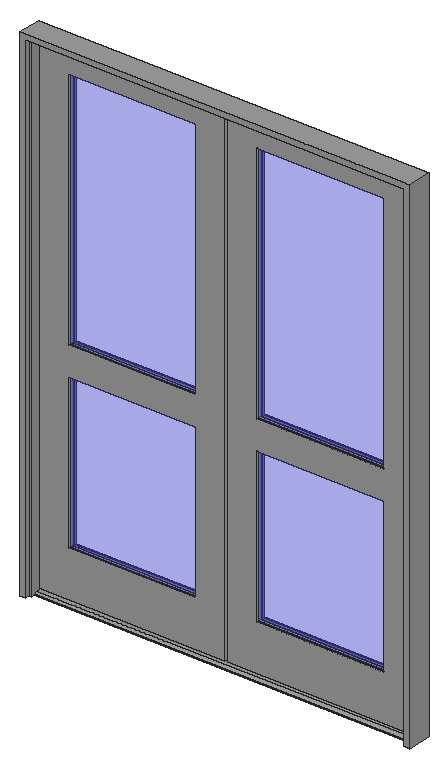
Revit family "WS-500 DOOR-Double-VIP-1-CW_v04", category Curtain Panels, Revit 2015
Parameters
  Width [instance] = 6' - 2"
  VIP2 Panic Devices [instance] = not(VIP1 Panic Devices)  # yes
  URL = "obe.com"
  Rough Width [instance] = 6' - 0"
  Panel Width [instance] = Min Panel Width  # 6' - 0"
  Panel Offset [instance] = 0' - 0"
  Offset [instance] = 0' - 0"
  Model = "WS-500 DOOR"
  Min Rough Width [instance] = if(Rough Width > 6' 1 255/256", Rough Width, 6' 2")  # 6' - 2"
  Min Panel Width [instance] = if(Rough Width > 6' 1 255/256", Rough Width - 0' 2", 6' 0")  # 6' - 0"
  Manufacturer = "Oldcastle BuildingEnvelope®"
  Keynote = "08 11 00"
  Hinge [instance] = yes
  Height [instance] = 8' - 0"
  Pushbar Height [instance] = 3' - 5 1/4"  # constant formula
  Glass Material = Glass
  Frame Material = Aluminum
  Door Panel Height [instance] = Height - 0' 0 5/8"  # 7' - 11 3/8"
  Description = "WS-500 - 1\" Door Infill"
  Assembly Code = "B2030"
  Analytic Construction = "<None>"
  VIP1 Panic Devices [instance] = no
  10 Bottom Rail [instance] = not([8 Bottom Rail])  # no
  8 Bottom Rail [instance] = yes
Reference planes (in)
  plane 1 "Front": y = 0
  plane 2: z = 0
  plane 3 "Center (Left/Right)": x = 0
  plane 4 "Left": x = -37
  plane 5 "Right": x = 37
  plane 6 "Top": z = 96
  plane 7 "Offset": y = 0
  plane 8: y = -1.28244
  plane 9: y = -1.28244
  plane 10: x = -37
  plane 11: x = 37
Forms (in)
  Sweep 1, solid, material "Aluminum" <- "Frame Material"
    path origin (0, 0, 0) x (-1, 0, 0) y (0, 0, 1)
      loop
        line (37, 0) -> (37, 96)
    profile origin (-37, 0, 48) x (1, 0, 0) y (0, 1, 0)
      loop
        line (1, -1.97) -> (1, 0) -> (0, 0) -> (0, -4.5) -> (1, -4.5) -> (1, -3.595) -> (1.5, -3.595) -> (1.5, -1.97) -> (1, -1.97)
  Sweep 2, solid, material "Aluminum" <- "Frame Material"
    path origin (0, 0, 0) x (-1, 0, 0) y (0, 0, 1)
      loop
        line (-37, 0) -> (-37, 96)
    profile origin (37, 0, 48) x (1, 0, 0) y (0, 1, 0)
      loop
        line (-1, -1.97) -> (-1.5, -1.97) -> (-1.5, -3.595) -> (-1, -3.595) -> (-1, -4.5) -> (0, -4.5) -> (0, 0) -> (-1, 0) -> (-1, -1.97)
  Extrusion 3, solid, material "Aluminum" <- "Frame Material"
    sketch origin (-37, 0, 0) x (0, -1, 0) y (0, 0, 1)
      loop
        line (1.97, 94.5) -> (3.595, 94.5) -> (3.595, 95) -> (4.5, 95) -> (4.5, 96) -> (0, 96) -> (0, 95) -> (1.97, 95) -> (1.97, 94.5)
    from -74 to 0
Cuts and joins
  joined: Sweep 1, Sweep 2, Extrusion 3
Text (in)
  text "Exterior" at (-54.29358, 31.38743, 0), in view "Ref. Level"
  text "Exterior" at (480, 41.53993, 89.60405), in view "Right"
  text "Exterior" at (-240, 57.82419, 105.78864), in view "Left"
Dimensions and locks (in)
  equal spacing: plane 4 "Left", plane 3 "Center (Left/Right)", plane 5 "Right"
  "Width": plane 4 "Left" to plane 5 "Right"
  "Height": plane 6 "Top" to plane 2
  "Offset": plane 1 "Front" to plane 7 "Offset"
  locked: plane 7 "Offset" to plane 8 at 1.28244
  locked: plane 7 "Offset" to plane 9 at 1.28244
  locked: plane 7 "Offset" to nested 3 at 1.28244
  Extrusion 3 sketch curve to Extrusion 3 sketch curve to Extrusion 3 sketch curve = 0' - 0 1/2" locked, 0' - 0" locked
  Extrusion 3 sketch curve to Extrusion 3 sketch curve to Extrusion 3 sketch curve to Extrusion 3 sketch curve = 0' - 1.97" locked, 0' - 1 5/8" locked, 0' - 0.905" locked
  locked: Extrusion 3 sketch curve to Extrusion 3 sketch curve at 1
  equal spacing: plane 10, plane 3 "Center (Left/Right)", plane 11
  "Min Rough Width": plane 10 to plane 11
  aligned and locked: level to plane 2
  aligned and locked: nested 1 to plane 8
  aligned and locked: plane 9 to nested 2
  aligned and locked: plane 6 "Top" to Sweep 1 sketch curve
  aligned and locked: level to Sweep 1 sketch curve
  aligned and locked: plane 6 "Top" to Sweep 2 sketch curve
  aligned and locked: level to Sweep 2 sketch curve
  aligned and locked: plane 6 "Top" to nested 3
  aligned and locked: Extrusion 3 to plane 6 "Top"
  aligned and locked: Extrusion 3 sketch curve to plane 6 "Top"
  aligned and locked: plane 3 "Center (Left/Right)" to nested 4
  aligned and locked: nested 4 to plane 7 "Offset"
  aligned and locked: nested 2 to plane 10
  aligned and locked: nested 1 to plane 11
  aligned and locked: Sweep 2 sketch curve to plane 11
  aligned and locked: Sweep 1 sketch curve to plane 10
  aligned and locked: cut or joined group of Sweep 1, Sweep 2, Extrusion 3 to plane 10
  aligned and locked: plane 11 to cut or joined group of Sweep 1, Sweep 2, Extrusion 3
Automatic sketch dimensions
  Sweep 1 sketch curve to profile plane = 0' - 0"
  Sweep 1 sketch curve to plane 7 "Offset" = 0' - 0"
  Sweep 1 sketch curve to profile plane = 0' - 1"  (x2)
  Sweep 1 sketch curve to Sweep 1 sketch curve = 0' - 0 1/2"
  Sweep 1 sketch curve to plane 7 "Offset" = 0' - 1.97"
  Sweep 1 sketch curve to Sweep 1 sketch curve = 0' - 1 5/8"
  Sweep 1 sketch curve to Sweep 1 sketch curve = 0' - 0.905"
  Sweep 2 sketch curve to plane 7 "Offset" = 0' - 0"
  Sweep 2 sketch curve to profile plane = 0' - 0"
  profile plane to Sweep 2 sketch curve = 0' - 1"  (x2)
  Sweep 2 sketch curve to Sweep 2 sketch curve = 0' - 0 1/2"
  Sweep 2 sketch curve to plane 7 "Offset" = 0' - 1.97"
  Sweep 2 sketch curve to Sweep 2 sketch curve = 0' - 1 5/8"
  Sweep 2 sketch curve to Sweep 2 sketch curve = 0' - 0.905"
  Extrusion 3 sketch curve to plane 7 "Offset" = 0' - 0"
Nested families (in)
  nested 1: "2.5x6-RTCIG CW-H8533-DHD-OHD SC-DI" at (37, -1.28244, 0) x (0, -1, 0) z (0, 0, 1), type "2.5x6-RTCIG CW-H8533-DHD-OHD SC-DI"
  nested 2: "2.5x6-RTCIG CW-H8533-DHD-OHD SC-DI" at (-37, -1.28244, 0) x (0, -1, 0) z (0, 0, 1), type "2.5x6-RTCIG CW-H8533-DHD-OHD SC-DI"
  nested 3: "2.5x6-RTCIG CW-H8533-DHD-OHD SC-DI" at (-33, -1.28244, 96) x (0, -1, 0) z (-1, 0, 0), type "2.5x6-RTCIG CW-H8533-DHD-OHD SC-DI"
  nested 4: "WS-500 DOOR-Double-VIP-1-Panel_v03" at (0, -16, 0), Height <- "Door Panel Height", Hinge <- "Hinge", Frame Material <- "Frame Material", Glass Material <- "Glass Material", Width <- "Min Panel Width", VIP1 Panic Devices <- "VIP1 Panic Devices", 8 Bottom Rail <- "8 Bottom Rail", Offset <- "Panel Offset", type "WS-500 DOOR-Double-VIP-1-Panel_v03"
    with Wing Width 3' - 0", built-in parameter 1001301 6' - 0", VIP1 Panic Devices no, Pushbar Height 3' - 5 1/4", Offset 0' - 0", Hinge yes, built-in parameter 1001300 7' - 11 3/8", Glass at Muntin 0' - 4 15/16", Glass Material Glass, Frame Material Aluminum, Bottom Rail 0' - 9 5/32", 8 Bottom Rail yes, 10 Bottom Rail no
Definition of nested family "WS-500 DOOR-Double-VIP-1-Panel_v03"
  Parameters (values of type "WS-500 DOOR-Double-VIP-1-Panel_v03")
    Wing Width [instance] = Width / 2  # 3' - 0"
    Width [instance] = 6' - 0"
    VIP1 Panic Devices [instance] = no
    URL = "obe.com"
    Offset [instance] = 0' - 1"
    Model = "WS-500 DOOR"
    Manufacturer = "Oldcastle BuildingEnvelope®"
    Keynote = "08 11 00\r\n08 11 00"
    Hinge [instance] = yes
    Height [instance] = 8' - 0"
    Glass at Muntin [instance] = if(VIP1 Panic Devices, 0' 8 15/16", 0' 4 15/16")  # 0' - 4 15/16"
    Pushbar Height [instance] = 3' - 5 1/4"  # constant formula
    Glass Material [instance] = none
    Frame Material [instance] = none
    Description = "WS-500 - 1\" Door Infill"
    Bottom Rail [instance] = if([8 Bottom Rail], 0' 9 5/32", 0' 11 5/32")  # 0' - 9 5/32"
    Assembly Code = "B2030"
    8 Bottom Rail [instance] = yes
    10 Bottom Rail [instance] = not([8 Bottom Rail])  # no
  Reference planes (in)
    plane 1 "Center": y = 14.0625
    plane 2: z = 0
    plane 3 "Center (Left/Right)": x = 0
    plane 4: z = 96
    plane 5: x = 36
    plane 6: x = -36
    plane 7 "Center (Front/Back)": y = 16
    plane 8 "Exterior": y = 14.5625
    plane 9: z = 48
    plane 10: z = 38.78125
    plane 11: z = 43.71875
    plane 12: z = 91
    plane 13: z = 9.15625
    plane 14 "Offset": y = 15
    plane 15: z = 41.25
  Forms (in)
    Sweep 1, solid, material <- "Frame Material"
      path origin (0, 14.0625, 0) x (1, 0, 0) y (0, 0, 1)
        loop
          line (-35.56475, 96) -> (-0.22004, 96)
      profile origin (-17.8924, 14.0625, 96) x (0, 0, 1) y (0, -1, 0)
        loop
          line (-0.53125, -0.875) -> (-0.53125, 0.875) -> (-5.28125, 0.875) -> (-5.28125, 0.5) -> (-5, 0.5) -> (-5, -0.5) -> (-5.28125, -0.5) -> (-5.28125, -0.875) -> (-0.53125, -0.875)
    Sweep 2, solid, material <- "Frame Material"
      path origin (0, 14.0625, 0) x (1, 0, 0) y (0, 0, 1)
        loop
          line (-0.22004, 0) -> (-35.56475, 0)
      profile origin (-17.8924, 14.0625, 0) x (0, 0, -1) y (0, -1, 0)
        loop
          line (-5.4375, -0.875) -> (-0.6875, -0.875) -> (-0.6875, 0.875) -> (-5.4375, 0.875) -> (-9.4375, 0.875) -> (-9.4375, 0.5) -> (-9.15625, 0.5) -> (-9.15625, -0.5) -> (-9.4375, -0.5) -> (-9.4375, -0.875) -> (-5.4375, -0.875)
    Sweep 3, solid, material <- "Frame Material"
      path origin (0, 14.0625, 0) x (1, 0, 0) y (0, 0, 1)
        loop
          line (36, 95.46875) -> (36, 0.6875)
      profile origin (36, 14.0625, 48.07812) x (0, -1, 0) y (1, 0, 0)
        loop
          line (-0.875, -0.32625) -> (-0.875, -6.07625) -> (-0.5, -6.07625) -> (-0.5, -5.795) -> (0.5, -5.795) -> (0.5, -6.07625) -> (0.875, -6.07625) -> (0.875, -0.43525) -> (-0.875, -0.32625)
    Sweep 4, solid, material <- "Frame Material"
      path origin (0, 14.0625, 0) x (1, 0, 0) y (0, 0, 1)
        loop
          line (-36, 95.46875) -> (-36, 0.6875)
      profile origin (-36, 14.0625, 48.07812) x (0, -1, 0) y (1, 0, 0)
        loop
          line (-0.875, 0.32625) -> (0.875, 0.43525) -> (0.875, 6.07625) -> (0.5, 6.07625) -> (0.5, 5.795) -> (-0.5, 5.795) -> (-0.5, 6.07625) -> (-0.875, 6.07625) -> (-0.875, 0.32625)
    Sweep 5, solid, material <- "Frame Material"
      path origin (0, 14.0625, 0) x (1, 0, 0) y (0, 0, 1)
        loop
          line (-5.53125, 48) -> (-30.205, 48)
      profile origin (-17.86813, 14.0625, 48) x (0, 0, -1) y (0, -1, 0)
        loop
          line (9.5, -0.875) -> (9.5, -0.5) -> (9.21875, -0.5) -> (9.21875, 0.5) -> (9.5, 0.5) -> (9.5, 0.875) -> (4, 0.875) -> (4, 0.5) -> (4.28125, 0.5) -> (4.28125, -0.5) -> (4, -0.5) -> (4, -0.875) -> (9.5, -0.875)
    Sweep 6, solid, material <- "Frame Material"
      path origin (0, 14.0625, 0) x (1, 0, 0) y (0, 0, 1)
        loop
          line (0, 95.46875) -> (0, 0.6875)
      profile origin (0, 14.0625, 48.07812) x (0, -1, 0) y (1, 0, 0)
        loop
          line (-0.875, -0.22063) -> (-0.875, -5.8125) -> (-0.5, -5.8125) -> (-0.5, -5.53125) -> (0.5, -5.53125) -> (0.5, -5.8125) -> (0.875, -5.8125) -> (0.875, -0.22063)
          arc (0.875, -0.22063) -> (0, -0.0625) -> (-0.875, -0.22063) r 2.5
        loop
          line (0.875, 5.8125) -> (0.5, 5.8125) -> (0.5, 5.53125) -> (-0.5, 5.53125) -> (-0.5, 5.8125) -> (-0.875, 5.8125) -> (-0.875, 0.22063)
          arc (-0.875, 0.22063) -> (0, 0.0625) -> (0.875, 0.22063) r 2.5
          line (0.875, 0.22063) -> (0.875, 5.8125)
    Sweep 7, solid, material <- "Frame Material"
      path origin (0, 14.0625, 0) x (1, 0, 0) y (0, 0, 1)
        loop
          line (0.22004, 96) -> (35.56475, 96)
      profile origin (17.8924, 14.0625, 96) x (0, 0, 1) y (0, -1, 0)
        loop
          line (-0.53125, -0.875) -> (-0.53125, 0.875) -> (-5.28125, 0.875) -> (-5.28125, 0.5) -> (-5, 0.5) -> (-5, -0.5) -> (-5.28125, -0.5) -> (-5.28125, -0.875) -> (-0.53125, -0.875)
    Sweep 8, solid, material <- "Frame Material"
      path origin (0, 14.0625, 0) x (1, 0, 0) y (0, 0, 1)
        loop
          line (30.205, 48) -> (5.53125, 48)
      profile origin (17.86813, 14.0625, 48) x (0, 0, -1) y (0, -1, 0)
        loop
          line (9.5, -0.875) -> (9.5, -0.5) -> (9.21875, -0.5) -> (9.21875, 0.5) -> (9.5, 0.5) -> (9.5, 0.875) -> (4, 0.875) -> (4, 0.5) -> (4.28125, 0.5) -> (4.28125, -0.5) -> (4, -0.5) -> (4, -0.875) -> (9.5, -0.875)
    Sweep 9, solid, material <- "Frame Material"
      path origin (0, 14.0625, 0) x (1, 0, 0) y (0, 0, 1)
        loop
          line (35.56475, 0) -> (0.22004, 0)
      profile origin (17.8924, 14.0625, 0) x (0, 0, -1) y (0, -1, 0)
        loop
          line (-9.4375, -0.5) -> (-9.4375, -0.875) -> (-0.6875, -0.875) -> (-0.6875, 0.875) -> (-9.4375, 0.875) -> (-9.4375, 0.5) -> (-9.15625, 0.5) -> (-9.15625, -0.5) -> (-9.4375, -0.5)
    Extrusion 10, solid, material <- "Glass Material", detail levels coarse
      sketch origin (0, 0, 0) x (1, 0, 0) y (0, 1, 0)
        loop
          line (-30.205, 14.5625) -> (-30.205, 13.5625) -> (-5.53125, 13.5625) -> (-5.53125, 14.5625) -> (-30.205, 14.5625)
      from 9.15625 to 38.78125
    Extrusion 11, solid, material <- "Glass Material", detail levels coarse
      sketch origin (0, 0, 0) x (1, 0, 0) y (0, 1, 0)
        loop
          line (5.53125, 14.5625) -> (5.53125, 13.5625) -> (30.205, 13.5625) -> (30.205, 14.5625) -> (5.53125, 14.5625)
      from 9.15625 to 38.78125
    Extrusion 12, solid, material <- "Glass Material", detail levels coarse
      sketch origin (0, 0, 0) x (1, 0, 0) y (0, 1, 0)
        loop
          line (-5.53125, 14.5625) -> (-30.205, 14.5625) -> (-30.205, 13.5625) -> (-5.53125, 13.5625) -> (-5.53125, 14.5625)
      from 43.71875 to 91
    Extrusion 13, solid, material <- "Glass Material", detail levels coarse
      sketch origin (0, 0, 0) x (1, 0, 0) y (0, 1, 0)
        loop
          line (30.205, 14.5625) -> (5.53125, 14.5625) -> (5.53125, 13.5625) -> (30.205, 13.5625) -> (30.205, 14.5625)
      from 43.71875 to 91
    Extrusion 14, solid, material <- "Glass Material", detail levels medium+fine
      sketch origin (0, 0, 0) x (1, 0, 0) y (0, 1, 0)
        loop
          line (5.53125, 13.5625) -> (30.205, 13.5625) -> (30.205, 13.8105) -> (5.53125, 13.8105) -> (5.53125, 13.5625)
        loop
          line (30.205, 14.5625) -> (5.53125, 14.5625) -> (5.53125, 14.3145) -> (30.205, 14.3145) -> (30.205, 14.5625)
      from 9.15625 to 38.78125
    Extrusion 15, solid, material <- "Glass Material", detail levels medium+fine
      sketch origin (0, 0, 0) x (1, 0, 0) y (0, 1, 0)
        loop
          line (30.205, 13.5625) -> (30.205, 13.8105) -> (5.53125, 13.8105) -> (5.53125, 13.5625) -> (30.205, 13.5625)
        loop
          line (5.53125, 14.5625) -> (5.53125, 14.3145) -> (30.205, 14.3145) -> (30.205, 14.5625) -> (5.53125, 14.5625)
      from 43.71875 to 91
    Extrusion 16, solid, material <- "Glass Material", detail levels medium+fine
      sketch origin (0, 0, 0) x (1, 0, 0) y (0, 1, 0)
        loop
          line (-5.53125, 13.5625) -> (-5.53125, 13.8105) -> (-30.205, 13.8105) -> (-30.205, 13.5625) -> (-5.53125, 13.5625)
        loop
          line (-30.205, 14.5625) -> (-30.205, 14.3145) -> (-5.53125, 14.3145) -> (-5.53125, 14.5625) -> (-30.205, 14.5625)
      from 43.71875 to 91
    Extrusion 17, solid, material <- "Glass Material", detail levels medium+fine
      sketch origin (0, 0, 0) x (1, 0, 0) y (0, 1, 0)
        loop
          line (-30.205, 13.5625) -> (-5.53125, 13.5625) -> (-5.53125, 13.8105) -> (-30.205, 13.8105) -> (-30.205, 13.5625)
        loop
          line (-5.53125, 14.5625) -> (-30.205, 14.5625) -> (-30.205, 14.3145) -> (-5.53125, 14.3145) -> (-5.53125, 14.5625)
      from 9.15625 to 38.78125
    Sweep 18, solid, material <- "Frame Material"
      path origin (0, 15, 0) x (1, 0, 0) y (0, 0, 1)
        loop
          line (-35.56475, 0) -> (35.56475, 0)
      profile origin (0, 15, 0) x (0, 0, 1) y (0, -1, 0)
        loop
          line (0.5, 2.468) -> (0.19364, 3.125) -> (0, 3.125) -> (0, -0.875) -> (0.19364, -0.875) -> (0.5, -0.218) -> (0.5, 2.468)
  Cuts and joins
    joined: Sweep 1, Sweep 2, Sweep 3, Sweep 4, Sweep 5, Sweep 6, Sweep 7, Sweep 8, Sweep 9
  Lines and regions (in)
    model lines
      curve 1: line (5.53125, 14.5625, 91) -> (30.205, 14.5625, 48)
      curve 2: line (30.205, 14.5625, 48) -> (5.53125, 14.5625, 9.15625)
      curve 3: line (-5.53125, 14.5625, 91) -> (-30.205, 14.5625, 48)
      curve 4: line (-30.205, 14.5625, 48) -> (-5.53125, 14.5625, 9.15625)
  Dimensions and locks (in)
    "Height": plane 4 to level
    "Width": plane 6 to plane 5
    equal spacing: level, plane 9, plane 4
    locked: Sweep 2 sketch curve to plane 6 at 0.43525
    locked: plane 3 "Center (Left/Right)" to Sweep 2 sketch curve at 0.22004
    locked: Sweep 3 sketch curve to plane 4 at 0.53125
    locked: Sweep 4 sketch curve to plane 4 at 0.53125
    locked: Sweep 1 sketch curve to plane 6 at 0.43525
    locked: plane 3 "Center (Left/Right)" to Sweep 1 sketch curve at 0.22004
    locked: plane 3 "Center (Left/Right)" to Sweep 5 sketch curve at 5.53125
    locked: Sweep 5 sketch curve to plane 6 at 5.795
    locked: Sweep 7 sketch curve to plane 3 "Center (Left/Right)" at 0.22004
    locked: plane 5 to Sweep 7 sketch curve at 0.43525
    locked: plane 5 to Sweep 8 sketch curve at 5.795
    Sweep 8 sketch curve to plane 3 "Center (Left/Right)" = 0' - 5 17/32"
    locked: plane 5 to Sweep 9 sketch curve at 0.43525
    locked: Sweep 9 sketch curve to plane 3 "Center (Left/Right)" at 0.22004
    Extrusion 11 sketch curve to plane 1 "Center" to Extrusion 11 sketch curve = 0' - 0 1/2", 0' - 0 1/2"
    locked: Extrusion 11 sketch curve to plane 5 at 5.795
    plane 3 "Center (Left/Right)" to Extrusion 11 sketch curve = 0' - 5 17/32"
    Extrusion 10 sketch curve to plane 1 "Center" to Extrusion 10 sketch curve = 0' - 0 1/2" locked, 0' - 0 1/2" locked
    locked: plane 6 to Extrusion 10 sketch curve at 5.795
    locked: Extrusion 10 sketch curve to plane 3 "Center (Left/Right)" at 5.53125
    locked: plane 6 to Extrusion 12 sketch curve at 5.795
    locked: Extrusion 12 sketch curve to plane 3 "Center (Left/Right)" at 5.53125
    Extrusion 12 sketch curve to plane 1 "Center" to Extrusion 12 sketch curve = 0' - 0 1/2" locked, 0' - 0 1/2" locked
    Extrusion 13 sketch curve to plane 1 "Center" to Extrusion 13 sketch curve = 0' - 0 1/2" locked, 0' - 0 1/2" locked
    locked: Extrusion 13 sketch curve to plane 5 at 5.795
    locked: plane 3 "Center (Left/Right)" to Extrusion 13 sketch curve at 5.53125
    "Glass at Muntin": plane 10 to plane 11
    locked: plane 12 to plane 4 at 5
    locked: Sweep 8 sketch curve to plane 10 at 0.28125  (x2)
    locked: plane 11 to Sweep 8 sketch curve at 0.28125  (x2)
    locked: Extrusion 14 sketch curve to plane 5 at 5.795  (x2)
    locked: plane 3 "Center (Left/Right)" to Extrusion 14 sketch curve at 5.53125  (x2)
    Extrusion 14 sketch curve to Extrusion 14 sketch curve to plane 1 "Center" to Extrusion 14 sketch curve to Extrusion 14 sketch curve = 0' - 0.248" locked, 0' - 0.252" locked, 0' - 0.252" locked, 0' - 0.248" locked
    Extrusion 15 sketch curve to Extrusion 15 sketch curve to plane 1 "Center" to Extrusion 15 sketch curve to Extrusion 15 sketch curve = 0' - 0.248" locked, 0' - 0.252" locked, 0' - 0.252" locked, 0' - 0.248" locked
    locked: Extrusion 15 sketch curve to plane 5 at 5.795  (x2)
    locked: plane 3 "Center (Left/Right)" to Extrusion 15 sketch curve at 5.53125  (x2)
    locked: Sweep 5 sketch curve to plane 10 at 0.28125  (x2)
    locked: plane 11 to Sweep 5 sketch curve at 0.28125  (x2)
    Extrusion 16 sketch curve to Extrusion 16 sketch curve to nested 1 to Extrusion 16 sketch curve to Extrusion 16 sketch curve = 0' - 0.248" locked, 0' - 0.252" locked, 0' - 0.252" locked, 0' - 0.248" locked
    locked: plane 6 to Extrusion 16 sketch curve at 5.795  (x2)
    locked: Extrusion 16 sketch curve to plane 3 "Center (Left/Right)" at 5.53125  (x2)
    Extrusion 17 sketch curve to Extrusion 17 sketch curve to plane 1 "Center" to Extrusion 17 sketch curve to Extrusion 17 sketch curve = 0' - 0.248" locked, 0' - 0.252" locked, 0' - 0.252" locked, 0' - 0.248" locked
    locked: plane 6 to Extrusion 17 sketch curve at 5.795  (x2)
    locked: Extrusion 17 sketch curve to plane 3 "Center (Left/Right)" at 5.53125  (x2)
    locked: plane 4 to Sweep 6 sketch curve at 0.53125
    locked: plane 13 to Sweep 9 sketch curve at 0.28125  (x2)
    "Bottom Rail": plane 2 to plane 13
    equal spacing: plane 6, plane 3 "Center (Left/Right)", plane 5
    locked: plane 13 to Sweep 2 sketch curve at 0.28125  (x2)
    plane 1 "Center" to plane 8 "Exterior" to plane 14 "Offset" = 0' - 0 1/2" locked, 0' - 0 7/16" locked
    "Offset": plane 14 "Offset" to plane 7 "Center (Front/Back)"
    equal spacing: plane 10, plane 15, plane 11
    "Pushbar Height": plane 2 to plane 15
    locked: plane 5 to Sweep 18 sketch curve at 0.43525
    locked: Sweep 18 sketch curve to plane 6 at 0.43525
    locked: Sweep 4 sketch curve to plane 2 at 0.6875
    locked: Sweep 6 sketch curve to plane 2 at 0.6875
    locked: Sweep 3 sketch curve to plane 2 at 0.6875
    aligned and locked: plane 2 to level
    aligned and locked: plane 1 "Center" to nested 1
    aligned and locked: plane 3 "Center (Left/Right)" to nested 1
    aligned and locked: Sweep 1 sketch curve to plane 4
    aligned and locked: Sweep 2 sketch curve to level
    aligned and locked: level to nested 2
    aligned and locked: nested 2 to plane 1 "Center"
    aligned and locked: plane 5 to Sweep 3 sketch curve
    aligned and locked: plane 6 to Sweep 4 sketch curve
    aligned and locked: Sweep 5 sketch curve to plane 9
    aligned and locked: plane 3 "Center (Left/Right)" to Sweep 6 sketch curve
    aligned and locked: Sweep 9 sketch curve to level
    aligned and locked: Sweep 8 sketch curve to plane 9
    aligned and locked: plane 4 to Sweep 7 sketch curve
    aligned and locked: Sweep 8 sketch curve to plane 11
    aligned and locked: plane 10 to Sweep 8 sketch curve
    aligned and locked: plane 10 to Extrusion 11
    aligned and locked: plane 10 to Extrusion 14
    aligned and locked: Extrusion 13 to plane 11
    aligned and locked: plane 12 to Extrusion 13
    aligned and locked: plane 12 to Extrusion 15
    aligned and locked: Extrusion 15 to plane 11
    aligned and locked: Sweep 5 sketch curve to plane 11
    aligned and locked: plane 10 to Sweep 5 sketch curve
    aligned and locked: Extrusion 12 to plane 11
    aligned and locked: Extrusion 16 to plane 11
    aligned and locked: plane 12 to Extrusion 12
    aligned and locked: plane 12 to Extrusion 16
    aligned and locked: Extrusion 17 to plane 10
    aligned and locked: Extrusion 10 to plane 10
    aligned and locked: cut or joined group of Sweep 1, Sweep 2, Sweep 3, Sweep 4, Sweep 5, Sweep 6, Sweep 7, Sweep 8, Sweep 9 to curve 2
    aligned and locked: cut or joined group of Sweep 1, Sweep 2, Sweep 3, Sweep 4, Sweep 5, Sweep 6, Sweep 7, Sweep 8, Sweep 9 to curve 1
    aligned and locked: cut or joined group of Sweep 1, Sweep 2, Sweep 3, Sweep 4, Sweep 5, Sweep 6, Sweep 7, Sweep 8, Sweep 9 to curve 3
    aligned and locked: cut or joined group of Sweep 1, Sweep 2, Sweep 3, Sweep 4, Sweep 5, Sweep 6, Sweep 7, Sweep 8, Sweep 9 to curve 4
    aligned and locked: plane 13 to Extrusion 11
    aligned and locked: plane 13 to Extrusion 14
    aligned and locked: plane 9 to curve 4
    aligned and locked: plane 9 to curve 2
    aligned and locked: Sweep 2 sketch curve to plane 13
    aligned and locked: plane 13 to Extrusion 10
    aligned and locked: plane 13 to Extrusion 17
    aligned and locked: Sweep 18 sketch curve to plane 2
  Automatic sketch dimensions
    Sweep 4 sketch curve to plane 1 "Center" = 0' - 0 7/8"
    Sweep 4 sketch curve to profile plane = 0' - 0.32625"
    plane 1 "Center" to Sweep 4 sketch curve = 0' - 0 7/8"
    Sweep 4 sketch curve to Sweep 4 sketch curve = 0' - 0.109"
    Sweep 4 sketch curve to Sweep 4 sketch curve = 0' - 5 3/4"
    Sweep 4 sketch curve to Sweep 4 sketch curve = 0' - 0"
    Sweep 4 sketch curve to Sweep 4 sketch curve = 0' - 0 3/8"  (x2)
    Sweep 4 sketch curve to Sweep 4 sketch curve = 0' - 0 9/32"
    plane 1 "Center" to Sweep 6 sketch curve = 0' - 0"
    profile plane to Sweep 6 sketch curve = 0' - 0.22063"  (x2)
    Sweep 6 sketch curve to Sweep 6 sketch curve = 0' - 2.34187"  (x2)
    Sweep 6 sketch curve to Sweep 6 sketch curve = 0' - 3 1/4"
    Sweep 6 sketch curve to Sweep 6 sketch curve = 0' - 0 3/8"  (x4)
    Sweep 6 sketch curve to Sweep 6 sketch curve = 0' - 0 9/32"  (x4)
    plane 1 "Center" to Sweep 6 sketch curve = 0' - 0 1/2"
    plane 1 "Center" to Sweep 6 sketch curve = 0' - 0 7/8"
    Sweep 6 sketch curve to profile plane = 0' - 5 13/16"
    Sweep 6 sketch curve to profile plane = 0' - 0.22063"  (x2)
    Sweep 6 sketch curve to plane 1 "Center" = 0' - 0 1/2"
    Sweep 3 sketch curve to plane 1 "Center" = 0' - 0 7/8"
    profile plane to Sweep 3 sketch curve = 0' - 0.43525"
    Sweep 3 sketch curve to Sweep 3 sketch curve = 0' - 0.109"
    Sweep 3 sketch curve to Sweep 3 sketch curve = 0' - 5 3/4"
    Sweep 3 sketch curve to Sweep 3 sketch curve = 0' - 0 3/8"  (x2)
    Sweep 3 sketch curve to Sweep 3 sketch curve = 0' - 0 9/32"  (x2)
    plane 1 "Center" to Sweep 3 sketch curve = 0' - 0 1/2"
    Sweep 8 sketch curve to plane 1 "Center" = 0' - 0 7/8"
    Sweep 8 sketch curve to Sweep 8 sketch curve = 0' - 0 3/8"  (x4)
    plane 1 "Center" to Sweep 8 sketch curve = 0' - 0 1/2"
    Sweep 9 sketch curve to Sweep 9 sketch curve = 0' - 0 3/8"  (x2)
    plane 1 "Center" to Sweep 9 sketch curve = 0' - 0 1/2"
    profile plane to Sweep 9 sketch curve = 0' - 0 11/16"
    profile plane to Sweep 1 sketch curve = 0' - 0 17/32"
    Sweep 1 sketch curve to plane 1 "Center" = 0' - 0 7/8"
    Sweep 1 sketch curve to Sweep 1 sketch curve = 0' - 4 3/4"
    plane 1 "Center" to Sweep 1 sketch curve = 0' - 0 7/8"
    Sweep 1 sketch curve to Sweep 1 sketch curve = 0' - 0"
    Sweep 1 sketch curve to Sweep 1 sketch curve = 0' - 0 3/8"  (x2)
    Sweep 1 sketch curve to Sweep 1 sketch curve = 0' - 0 9/32"
    plane 1 "Center" to Sweep 5 sketch curve = 0' - 0 7/8"
    Sweep 5 sketch curve to plane 1 "Center" = 0' - 0 1/2"
    Sweep 5 sketch curve to Sweep 5 sketch curve = 0' - 0 3/8"  (x4)
    profile plane to Sweep 7 sketch curve = 0' - 0 17/32"
    Sweep 7 sketch curve to plane 1 "Center" = 0' - 0 7/8"
    Sweep 7 sketch curve to Sweep 7 sketch curve = 0' - 4 3/4"
    plane 1 "Center" to Sweep 7 sketch curve = 0' - 0 7/8"
    Sweep 7 sketch curve to Sweep 7 sketch curve = 0' - 0"
    Sweep 7 sketch curve to Sweep 7 sketch curve = 0' - 0 3/8"  (x2)
    Sweep 7 sketch curve to Sweep 7 sketch curve = 0' - 0 9/32"
    plane 1 "Center" to Sweep 2 sketch curve = 0' - 0 7/8"
    plane 1 "Center" to Sweep 2 sketch curve = 0' - 0 1/2"
    Sweep 2 sketch curve to Sweep 2 sketch curve = 0' - 3 23/32"
    Sweep 2 sketch curve to plane 1 "Center" = 0' - 0 1/2"
    Sweep 2 sketch curve to Sweep 2 sketch curve = 0' - 0"
    Sweep 9 sketch curve to Sweep 9 sketch curve = 0' - 0 9/32"
    curve 2 to plane 13 = 0' - 0"
    curve 4 to plane 13 = 0' - 0"
    curve 3 to plane 12 = 0' - 0"
    curve 1 to plane 12 = 0' - 0"
    plane 6 to curve 3 = 0' - 5.795"
    curve 2 to plane 5 = 0' - 5.795"
    Sweep 2 sketch curve to plane 1 "Center" = 0' - 0 7/8"
    profile plane to Sweep 2 sketch curve = 0' - 0 11/16"
    Sweep 9 sketch curve to plane 1 "Center" = 0' - 0 7/8"
    Sweep 18 sketch curve to profile plane = 0' - 0.19364"  (x2)
    Sweep 18 sketch curve to plane 14 "Offset" = 0' - 0 7/8"
    Sweep 18 sketch curve to plane 14 "Offset" = 0' - 0.218"
    Sweep 18 sketch curve to Sweep 18 sketch curve = 0' - 2.686"
    Sweep 18 sketch curve to profile plane = 0' - 0"
    Sweep 18 sketch curve to profile plane = 0' - 0 1/2"
    Sweep 18 sketch curve to Sweep 18 sketch curve = 0' - 0.657"
  Nested families (in)
    nested 1: "WS-500 DOOR-Double-VIP-1-Plan View" at (0, 14.0625, 0), Width <- "Width", Wing Width <- "Wing Width", Hinge <- "Hinge", type "WS-500 DOOR-Double-VIP-1-Plan View"
      with Wing Width 3' - 0", Width 6' - 0", Hinge yes
    nested 2: "WS-500 DOOR-Double-VIP-1-Section_v02" at (0, 14.0625, 0) x (0, -1, 0) z (1, 0, 0), Height <- "Height", VIP1 Panic Devices <- "VIP1 Panic Devices", 8 Bottom Rail <- "8 Bottom Rail", type "WS-500 DOOR-Double-VIP-1-Section_v02"
      with VIP2 Panic Devices yes, VIP1 Panic Devices no, Pushbar Height 3' - 5 1/4", Height 8' - 0", Glass at Muntins 0' - 4 15/16", Bottom Rail 0' - 9 5/32", 8 Bottom Rail yes, 10 Bottom Rail no
  Definition of nested family "WS-500 DOOR-Double-VIP-1-Plan View"
    Parameters (values of type "WS-500 DOOR-Double-VIP-1-Plan View")
      Wing Width [instance] = Width / 2  # 2' - 6"
      Width [instance] = 5' - 0"
      Hinge [instance] = yes
    Reference planes (in)
      plane 1 "Center (Front/Back)": y = 0
      plane 2: z = 0
      plane 3 "Center (Left/Right)": x = 0
      plane 4: x = -30
      plane 5: x = 30
      plane 6: x = 28.68437
      plane 7: x = -28.68437
    Lines and regions (in)
      detail lines, in view "Ref. Level", not visible
        curve 1: line (-24.205, 0.5, 0) -> (-5.53125, 0.5, 0)
        curve 2: line (-24.205, -0.5, 0) -> (-5.53125, -0.5, 0)
        curve 8: line (5.53125, -0.5, 0) -> (24.205, -0.5, 0)
        curve 9: line (5.53125, 0.5, 0) -> (24.205, 0.5, 0)
        curve 27: line (-24.205, -0.252, 0) -> (-5.53125, -0.252, 0)
        curve 28: line (-24.205, 0.252, 0) -> (-5.53125, 0.252, 0)
        curve 29: line (5.53125, 0.252, 0) -> (24.205, 0.252, 0)
        curve 30: line (5.53125, -0.252, 0) -> (24.205, -0.252, 0)
      detail lines, in view "Ref. Level"
        curve 3: line (28.18437, 6.91175, 0) -> (28.18437, 24.46956, 0)
        curve 7: line (29.18437, 6.91175, 0) -> (29.18437, 24.46956, 0)
        curve 10: line (-28.18437, 6.91175, 0) -> (-28.18437, 24.46956, 0)
        curve 14: line (-29.18437, 6.91175, 0) -> (-29.18437, 24.46956, 0)
        curve 15: arc (0.0625, 0, 0) -> (8.67577, 21.01264, 0) -> (29.55937, 29.93426, 0) r 29.9375
        curve 16: arc (-0.0625, 0, 0) -> (-8.67577, 21.01264, 0) -> (-29.55937, 29.93426, 0) r 29.9375
      detail lines, in view "Ref. Level", detail levels fine
        curve 4: line (28.24637, 6.91175, 0) -> (28.24637, 24.46956, 0)
        curve 5: line (28.30837, 6.91175, 0) -> (28.30837, 24.46956, 0)
        curve 6: line (28.37037, 6.91175, 0) -> (28.37037, 24.46956, 0)
        curve 11: line (-28.99837, 6.91175, 0) -> (-28.99837, 24.46956, 0)
        curve 12: line (-29.06037, 6.91175, 0) -> (-29.06037, 24.46956, 0)
        curve 13: line (-29.12237, 6.91175, 0) -> (-29.12237, 24.46956, 0)
        curve 17: line (-28.24637, 6.91175, 0) -> (-28.24637, 24.46956, 0)
        curve 18: line (-28.30837, 6.91175, 0) -> (-28.30837, 24.46956, 0)
        curve 19: line (-28.37037, 6.91175, 0) -> (-28.37037, 24.46956, 0)
        curve 22: line (28.99837, 6.91175, 0) -> (28.99837, 24.46956, 0)
        curve 23: line (29.06037, 6.91175, 0) -> (29.06037, 24.46956, 0)
        curve 24: line (29.12237, 6.91175, 0) -> (29.12237, 24.46956, 0)
      detail lines, in view "Ref. Level", detail levels medium+fine
        curve 20: line (-28.93637, 6.91175, 0) -> (-28.93637, 24.46956, 0)
        curve 21: line (-28.43237, 6.91175, 0) -> (-28.43237, 24.46956, 0)
        curve 25: line (28.43237, 6.91175, 0) -> (28.43237, 24.46956, 0)
        curve 26: line (28.93637, 6.91175, 0) -> (28.93637, 24.46956, 0)
    Dimensions and locks (in)
      equal spacing: plane 4, plane 3 "Center (Left/Right)", plane 5
      locked: plane 5 to plane 6 at 1.31563
      locked: plane 4 to plane 7 at 1.31563
      "Wing Width": plane 1 "Center (Front/Back)" to nested 3
      "Wing Width": plane 1 "Center (Front/Back)" to nested 4
      "Wing Width": plane 4 to plane 3 "Center (Left/Right)"
      "Wing Width": plane 3 "Center (Left/Right)" to plane 5
      locked: nested 9 to plane 1 "Center (Front/Back)" at 1.13325
      locked: nested 8 to plane 1 "Center (Front/Back)" at 1.13325
      locked: plane 5 to nested 10 at 2.25
      locked: plane 5 to nested 5 at 2.25
      locked: nested 7 to plane 4 at 2.25
      locked: nested 6 to plane 4 at 2.25
      aligned and locked: plane 3 "Center (Left/Right)" to nested 1
      aligned and locked: nested 1 to plane 1 "Center (Front/Back)"
      aligned and locked: plane 3 "Center (Left/Right)" to nested 2
      aligned and locked: nested 2 to plane 1 "Center (Front/Back)"
      aligned and locked: nested 3 to plane 6
      aligned and locked: plane 7 to nested 4
      aligned and locked: nested 5 to plane 1 "Center (Front/Back)"
      aligned and locked: plane 1 "Center (Front/Back)" to nested 6
      aligned and locked: plane 1 "Center (Front/Back)" to nested 7
      aligned and locked: nested 10 to plane 1 "Center (Front/Back)"
      aligned and locked: plane 7 to nested 8
      aligned and locked: nested 9 to plane 6
    Automatic sketch dimensions
      plane 1 "Center (Front/Back)" to curve 16 = 0' - 0"
      curve 16 to plane 4 = 0' - 0"
      plane 1 "Center (Front/Back)" to curve 15 = 0' - 0"
      curve 15 to plane 5 = 0' - 0"
      plane 4 to curve 16 = 0' - 0.44063"
      curve 14 to plane 7 = 0' - 0 1/2"
      curve 14 to curve 13 = 0' - 0.062"
      curve 13 to curve 12 = 0' - 0.062"
      curve 12 to curve 11 = 0' - 0.062"
      curve 11 to curve 20 = 0' - 0.062"
      plane 7 to curve 21 = 0' - 0.252"
      curve 21 to curve 19 = 0' - 0.062"
      curve 19 to curve 18 = 0' - 0.062"
      curve 18 to curve 17 = 0' - 0.062"
      curve 17 to curve 10 = 0' - 0.062"
      curve 1 to plane 1 "Center (Front/Back)" = 0' - 0 1/2"
      plane 7 to curve 1 = 0' - 4.47936"
      curve 28 to curve 1 = 0' - 0"  (x2)
      plane 1 "Center (Front/Back)" to curve 27 = 0' - 0.252"
      curve 27 to curve 28 = 0' - 0"
      curve 2 to curve 27 = 0' - 0"  (x2)
      curve 27 to plane 3 "Center (Left/Right)" = 0' - 5 17/32"
      curve 1 to curve 27 = 0' - 0"
      curve 16 to plane 3 "Center (Left/Right)" = 0' - 0 1/16"
      plane 3 "Center (Left/Right)" to curve 15 = 0' - 0 1/16"
      plane 1 "Center (Front/Back)" to curve 8 = 0' - 0 1/2"
      curve 15 to curve 8 = 0' - 5 15/32"
      curve 29 to plane 1 "Center (Front/Back)" = 0' - 0.252"
      curve 29 to curve 8 = 0' - 0"
      curve 30 to curve 8 = 0' - 0"  (x2)
      curve 9 to curve 29 = 0' - 0"  (x2)
      plane 6 to curve 29 = 0' - 4.47936"
      curve 8 to curve 29 = 0' - 0"
      plane 6 to curve 3 = 0' - 0 1/2"
      curve 3 to curve 4 = 0' - 0.062"
      curve 4 to curve 5 = 0' - 0.062"
      curve 5 to curve 6 = 0' - 0.062"
      curve 6 to curve 25 = 0' - 0.062"
      curve 26 to plane 6 = 0' - 0.252"
      curve 26 to curve 22 = 0' - 0.062"
      curve 22 to curve 23 = 0' - 0.062"
      curve 23 to curve 24 = 0' - 0.062"
      curve 24 to curve 7 = 0' - 0.062"
      curve 15 to plane 5 = 0' - 0.44063"
      curve 8 to curve 30 = 0' - 0.248"
      curve 2 to curve 27 = 0' - 0.248"
      curve 28 to curve 1 = 0' - 0.248"
      curve 29 to curve 9 = 0' - 0.248"
      curve 6 to plane 1 "Center (Front/Back)" = 0' - 6.91175"
      curve 12 to plane 1 "Center (Front/Back)" = 0' - 6.91175"
      curve 12 to curve 10 = 0' - 0"
      curve 12 to curve 11 = 0' - 0"  (x2)
      curve 13 to curve 12 = 0' - 0"  (x2)
      curve 3 to curve 6 = 0' - 0"
      curve 14 to curve 13 = 0' - 0"  (x2)
      curve 6 to curve 26 = 0' - 0"
      curve 6 to curve 25 = 0' - 0"  (x2)
      curve 5 to curve 6 = 0' - 0"
      curve 26 to curve 24 = 0' - 0"
      curve 23 to curve 24 = 0' - 0"  (x2)
      curve 4 to curve 5 = 0' - 0"  (x2)
      curve 22 to curve 23 = 0' - 0"  (x2)
      curve 17 to curve 10 = 0' - 0"  (x2)
      curve 21 to curve 17 = 0' - 0"
      curve 18 to curve 17 = 0' - 0"
      curve 24 to curve 7 = 0' - 0"
      curve 19 to curve 18 = 0' - 0"  (x2)
      curve 11 to curve 20 = 0' - 0"
      curve 19 to curve 16 = 0' - 5.46469"
      curve 20 to curve 19 = 0' - 0"
      curve 19 to curve 17 = 0' - 0"
      curve 21 to curve 19 = 0' - 0"
      curve 7 to curve 15 = 0' - 5.46469"
      curve 22 to curve 7 = 0' - 0"
      curve 4 to curve 22 = 0' - 0"
      curve 4 to curve 6 = 0' - 0"
      curve 14 to curve 20 = 0' - 0"
      curve 26 to curve 22 = 0' - 0"
      curve 3 to curve 4 = 0' - 0"
    Nested families (in)
      nested 1: "M STILE L-DI" at (0, 0, 0) x (-1, 0, 0) z (0, 0, 1), type "M STILE L-DI", in view "Ref. Level", not visible
      nested 2: "M STILE R-DI" at (0, 0, 0) x (-1, 0, 0) z (0, 0, 1), type "M STILE R-DI", in view "Ref. Level", not visible
      nested 3: "M STILE R-DI" at (28.68437, 30, 0) x (0, 1, 0) z (0, 0, 1), type "M STILE R-DI", in view "Ref. Level"
      nested 4: "M STILE R-DI" at (-28.68437, 30, 0) x (0, 1, 0) z (0, 0, 1), type "M STILE R-DI", in view "Ref. Level"
      nested 5: "HINGE-DI" at (32.25, 0, 0) x (-1, 0, 0) z (0, 0, 1), visible <- "Hinge", type "HINGE-DI", in view "Ref. Level"
      nested 6: "HINGE-DI" at (-32.25, 0, 0), visible <- "Hinge", type "HINGE-DI", in view "Ref. Level"
      nested 7: "HINGE-HD-DI" at (-32.25, 0, 0), type "HINGE-HD-DI", in view "Ref. Level", not visible
      nested 8: "HINGE-HD-DI" at (-28.68437, -1.13325, 0) x (0, 1, 0) z (0, 0, 1), type "HINGE-HD-DI", in view "Ref. Level"
      nested 9: "HINGE-HD-DI" at (28.68437, -1.13325, 0) x (0, 1, 0) z (0, 0, 1), type "HINGE-HD-DI", in view "Ref. Level"
      nested 10: "HINGE-HD-DI" at (32.25, 0, 0) x (-1, 0, 0) z (0, 0, 1), type "HINGE-HD-DI", in view "Ref. Level", not visible
    Definition of nested family "M STILE L-DI"
      Reference planes (in)
        plane 1 "Center (Front/Back)": y = 0
        plane 2: z = 0
        plane 3 "Center (Left/Right)": x = 0
      Lines and regions (in)
        detail lines, in view "Ref. Level"
          curve 1: line (0.22063, 0.875, 0) -> (5.8125, 0.875, 0)
          curve 2: line (5.8125, 0.875, 0) -> (5.8125, 0.5, 0)
          curve 3: line (5.8125, 0.5, 0) -> (5.53125, 0.5, 0)
          curve 4: line (5.53125, 0.5, 0) -> (5.53125, -0.5, 0)
          curve 5: line (5.53125, -0.5, 0) -> (5.8125, -0.5, 0)
          curve 6: line (5.8125, -0.5, 0) -> (5.8125, -0.875, 0)
          curve 7: line (5.8125, -0.875, 0) -> (0.22063, -0.875, 0)
          curve 8: arc (0.22063, 0.875, 0) -> (0.0625, 0, 0) -> (0.22063, -0.875, 0) r 2.5
    Definition of nested family "M STILE R-DI"
      Reference planes (in)
        plane 1 "Center (Front/Back)": y = 0
        plane 2: z = 0
        plane 3 "Center (Left/Right)": x = 0
      Lines and regions (in)
        detail lines, in view "Ref. Level"
          curve 1: line (-5.8125, 0.5, 0) -> (-5.53125, 0.5, 0)
          curve 2: line (-5.53125, 0.5, 0) -> (-5.53125, -0.5, 0)
          curve 3: line (-5.53125, -0.5, 0) -> (-5.8125, -0.5, 0)
          curve 4: line (-5.8125, -0.5, 0) -> (-5.8125, -0.875, 0)
          curve 5: line (-5.8125, -0.875, 0) -> (-0.22063, -0.875, 0)
          curve 6: line (-0.22063, 0.875, 0) -> (-5.8125, 0.875, 0)
          curve 7: line (-5.8125, 0.875, 0) -> (-5.8125, 0.5, 0)
          curve 8: arc (-0.22063, 0.875, 0) -> (-0.0625, 0, 0) -> (-0.22063, -0.875, 0) r 2.5
    Definition of nested family "HINGE-DI"
      Reference planes (in)
        plane 1 "Center (Front/Back)": y = 0
        plane 2: z = 0
        plane 3 "Center (Left/Right)": x = 0
    Definition of nested family "HINGE-HD-DI"
      Reference planes (in)
        plane 1 "Center (Front/Back)": y = 0
        plane 2: z = 0
        plane 3 "Center (Left/Right)": x = 0
      Lines and regions (in)
        detail lines, in view "Ref. Level"
          curve 1: line (2.68525, 0.875, 0) -> (8.32625, 0.875, 0)
          curve 2: line (8.32625, 0.875, 0) -> (8.32625, 0.5, 0)
          curve 3: line (8.32625, 0.5, 0) -> (8.045, 0.5, 0)
          curve 4: line (8.045, 0.5, 0) -> (8.045, -0.5, 0)
          curve 5: line (8.045, -0.5, 0) -> (8.32625, -0.5, 0)
          curve 6: line (8.32625, -0.5, 0) -> (8.32625, -0.875, 0)
          curve 7: line (8.32625, -0.875, 0) -> (2.57625, -0.875, 0)
          curve 8: line (2.57625, -0.875, 0) -> (2.68525, 0.875, 0)
  Definition of nested family "WS-500 DOOR-Double-VIP-1-Section_v02"
    Parameters (values of type "WS-500 DOOR-Double-VIP-1-Section_v02")
      VIP2 Panic Devices [instance] = not(VIP1 Panic Devices)  # no
      VIP1 Panic Devices [instance] = yes
      Height [instance] = 8' - 0"
      Pushbar Height [instance] = 3' - 5 1/4"  # constant formula
      Glass at Muntins [instance] = if(VIP2 Panic Devices, 0' 4 15/16", 0' 8 15/16")  # 0' - 8 15/16"
      Bottom Rail [instance] = if([10 Bottom Rail], 0' 11 5/32", 0' 9 5/32")  # 0' - 11 5/32"
      10 Bottom Rail [instance] = not([8 Bottom Rail])  # yes
      8 Bottom Rail [instance] = no
    Reference planes (in)
      plane 1 "Center (Front/Back)": y = 0
      plane 2: z = 0
      plane 3 "Center (Left/Right)": x = 0
      plane 4: y = 11.15625
      plane 5: y = 91
      plane 6: y = 96
      plane 7: y = 45.71875
      plane 8: y = 36.78125
      plane 9: y = 46
      plane 10: y = 41.25
      plane 11: y = 44
    Lines and regions (in)
      detail lines, in view "Ref. Level"
        curve 1: line (-0.5, 91, 0) -> (-0.5, 45.71875, 0)
        curve 5: line (0.5, 91, 0) -> (0.5, 45.71875, 0)
        curve 6: line (0.5, 36.78125, 0) -> (0.5, 11.15625, 0)
        curve 10: line (-0.5, 36.78125, 0) -> (-0.5, 11.15625, 0)
      detail lines, in view "Ref. Level", detail levels fine
        curve 2: line (-0.438, 91, 0) -> (-0.438, 45.71875, 0)
        curve 3: line (-0.376, 91, 0) -> (-0.376, 45.71875, 0)
        curve 4: line (-0.314, 91, 0) -> (-0.314, 45.71875, 0)
        curve 7: line (-0.314, 36.78125, 0) -> (-0.314, 11.15625, 0)
        curve 8: line (-0.376, 36.78125, 0) -> (-0.376, 11.15625, 0)
        curve 9: line (-0.438, 36.78125, 0) -> (-0.438, 11.15625, 0)
        curve 11: line (0.438, 36.78125, 0) -> (0.438, 11.15625, 0)
        curve 12: line (0.376, 36.78125, 0) -> (0.376, 11.15625, 0)
        curve 13: line (0.314, 36.78125, 0) -> (0.314, 11.15625, 0)
        curve 16: line (0.314, 91, 0) -> (0.314, 45.71875, 0)
        curve 17: line (0.376, 91, 0) -> (0.376, 45.71875, 0)
        curve 18: line (0.438, 91, 0) -> (0.438, 45.71875, 0)
      detail lines, in view "Ref. Level", detail levels medium+fine
        curve 14: line (0.252, 36.78125, 0) -> (0.252, 11.15625, 0)
        curve 15: line (-0.252, 36.78125, 0) -> (-0.252, 11.15625, 0)
        curve 19: line (-0.252, 91, 0) -> (-0.252, 45.71875, 0)
        curve 20: line (0.252, 91, 0) -> (0.252, 45.71875, 0)
    Dimensions and locks (in)
      "Bottom Rail": plane 4 to plane 1 "Center (Front/Back)"
      "Height": plane 6 to plane 1 "Center (Front/Back)"
      "Glass at Muntins": plane 8 to plane 7
      nested 1 to plane 6 to plane 5 = 0' - 3 3/32" locked, 0' - 5" locked
      plane 10 to plane 11 to plane 9 = 0' - 2 3/4" locked, 0' - 2" locked
      "Pushbar Height": plane 1 "Center (Front/Back)" to plane 10
      equal spacing: plane 8, plane 10, plane 7
      aligned and locked: plane 3 "Center (Left/Right)" to nested 1
      aligned and locked: plane 3 "Center (Left/Right)" to nested 2
      aligned and locked: plane 4 to curve 10
      aligned and locked: plane 4 to curve 9
      aligned and locked: plane 4 to curve 6
      aligned and locked: plane 4 to curve 7
      aligned and locked: plane 4 to curve 8
      aligned and locked: plane 3 "Center (Left/Right)" to nested 3
      aligned and locked: plane 7 to curve 1
      aligned and locked: plane 7 to curve 2
      aligned and locked: plane 7 to curve 3
      aligned and locked: plane 7 to curve 4
      aligned and locked: plane 7 to curve 5
      aligned and locked: plane 8 to curve 6
      aligned and locked: plane 8 to curve 7
      aligned and locked: plane 8 to curve 8
      aligned and locked: plane 8 to curve 9
      aligned and locked: plane 8 to curve 10
      aligned and locked: plane 9 to nested 4
      aligned and locked: plane 3 "Center (Left/Right)" to nested 4
      aligned and locked: plane 3 "Center (Left/Right)" to nested 5
      aligned and locked: plane 1 "Center (Front/Back)" to nested 2
      aligned and locked: plane 1 "Center (Front/Back)" to nested 3
      aligned and locked: plane 4 to curve 15
      aligned and locked: plane 4 to curve 14
      aligned and locked: plane 4 to curve 13
      aligned and locked: plane 4 to curve 12
      aligned and locked: plane 4 to curve 11
      aligned and locked: plane 8 to curve 15
      aligned and locked: plane 8 to curve 14
      aligned and locked: plane 8 to curve 13
      aligned and locked: plane 8 to curve 12
      aligned and locked: plane 8 to curve 11
      aligned and locked: plane 7 to curve 19
      aligned and locked: plane 7 to curve 20
      aligned and locked: plane 7 to curve 16
      aligned and locked: plane 7 to curve 17
      aligned and locked: plane 7 to curve 18
      aligned and locked: plane 5 to curve 3
      aligned and locked: plane 5 to curve 4
      aligned and locked: plane 5 to curve 19
      aligned and locked: plane 5 to curve 20
      aligned and locked: plane 5 to curve 16
      aligned and locked: plane 5 to curve 17
      aligned and locked: plane 5 to curve 18
      aligned and locked: plane 5 to curve 5
      aligned and locked: plane 11 to nested 5
    Automatic sketch dimensions
      curve 1 to plane 5 = 0' - 0"
      curve 2 to plane 5 = 0' - 0"
      curve 1 to plane 3 "Center (Left/Right)" = 0' - 0 1/2"
      curve 10 to plane 3 "Center (Left/Right)" = 0' - 0 1/2"
      curve 1 to curve 2 = 0' - 0.062"
      curve 10 to curve 9 = 0' - 0.062"
      curve 9 to curve 8 = 0' - 0.062"
      curve 2 to curve 3 = 0' - 0.062"
      curve 8 to curve 7 = 0' - 0.062"
      curve 3 to curve 4 = 0' - 0.062"
      curve 7 to curve 15 = 0' - 0.062"
      curve 4 to curve 19 = 0' - 0.062"
      plane 3 "Center (Left/Right)" to curve 20 = 0' - 0.252"
      plane 3 "Center (Left/Right)" to curve 14 = 0' - 0.252"
      curve 14 to curve 13 = 0' - 0.062"
      curve 20 to curve 16 = 0' - 0.062"
      curve 16 to curve 17 = 0' - 0.062"
      curve 13 to curve 12 = 0' - 0.062"
      curve 12 to curve 11 = 0' - 0.062"
      curve 17 to curve 18 = 0' - 0.062"
      curve 18 to curve 5 = 0' - 0.062"
      curve 11 to curve 6 = 0' - 0.062"
    Nested families (in)
      nested 1: "TOP RAIL-DI" at (0, 99.09375, 0), type "TOP RAIL-DI", in view "Ref. Level"
      nested 2: "8 BOT RAIL-DI" at (0, 9.4375, 0), visible <- "8 Bottom Rail", type "8 BOT RAIL-DI", in view "Ref. Level"
      nested 3: "10 BOT RAIL-DI" at (0, 11.4375, 0), visible <- "10 Bottom Rail", type "10 BOT RAIL-DI", in view "Ref. Level"
      nested 4: "MIDRAIL-VIP1-DI" at (0, 46, 0), visible <- "VIP1 Panic Devices", type "MIDRAIL-VIP1-DI", in view "Ref. Level"
      nested 5: "MIDRAIL-VIP2-DI" at (0, 44, 0), visible <- "VIP2 Panic Devices", type "MIDRAIL-VIP2-DI", in view "Ref. Level"
    Definition of nested family "TOP RAIL-DI"
      Reference planes (in)
        plane 1 "Center (Front/Back)": y = 0
        plane 2: z = 0
        plane 3 "Center (Left/Right)": x = 0
      Lines and regions (in)
        detail lines, in view "Ref. Level"
          curve 1: line (-0.875, -3.625, 0) -> (0.875, -3.625, 0)
          curve 2: line (0.875, -3.625, 0) -> (0.875, -8.375, 0)
          curve 3: line (0.875, -8.375, 0) -> (0.5, -8.375, 0)
          curve 4: line (0.5, -8.375, 0) -> (0.5, -8.09375, 0)
          curve 5: line (0.5, -8.09375, 0) -> (-0.5, -8.09375, 0)
          curve 6: line (-0.5, -8.09375, 0) -> (-0.5, -8.375, 0)
          curve 7: line (-0.5, -8.375, 0) -> (-0.875, -8.375, 0)
          curve 8: line (-0.875, -8.375, 0) -> (-0.875, -3.625, 0)
    Definition of nested family "8 BOT RAIL-DI"
      Reference planes (in)
        plane 1 "Center (Front/Back)": y = 0
        plane 2: z = 0
        plane 3 "Center (Left/Right)": x = 0
      Lines and regions (in)
        detail lines, in view "Ref. Level"
          curve 1: line (-0.875, 0, 0) -> (-0.875, -8.75, 0)
          curve 2: line (-0.875, -8.75, 0) -> (0.875, -8.75, 0)
          curve 3: line (0.875, -8.75, 0) -> (0.875, 0, 0)
          curve 4: line (0.875, 0, 0) -> (0.5, 0, 0)
          curve 5: line (0.5, 0, 0) -> (0.5, -0.28125, 0)
          curve 6: line (0.5, -0.28125, 0) -> (-0.5, -0.28125, 0)
          curve 7: line (-0.5, -0.28125, 0) -> (-0.5, 0, 0)
          curve 8: line (-0.5, 0, 0) -> (-0.875, 0, 0)
          curve 9: line (1.5305, -8.9375, 0) -> (-1.1555, -8.9375, 0)
          curve 10: line (-1.1555, -8.9375, 0) -> (-1.8125, -9.24386, 0)
          curve 11: line (-1.8125, -9.24386, 0) -> (-1.8125, -9.43749, 0)
          curve 12: line (-1.8125, -9.43749, 0) -> (2.1875, -9.43749, 0)
          curve 13: line (2.1875, -9.43749, 0) -> (2.1875, -9.24386, 0)
          curve 14: line (2.1875, -9.24386, 0) -> (1.5305, -8.9375, 0)
    Definition of nested family "10 BOT RAIL-DI"
      Reference planes (in)
        plane 1 "Center (Front/Back)": y = 0
        plane 2: z = 0
        plane 3 "Center (Left/Right)": x = 0
      Lines and regions (in)
        detail lines, in view "Ref. Level"
          curve 1: line (-1.1555, -10.9375, 0) -> (1.5305, -10.9375, 0)
          curve 2: line (1.5305, -10.9375, 0) -> (2.1875, -11.24386, 0)
          curve 3: line (2.1875, -11.24386, 0) -> (2.1875, -11.43749, 0)
          curve 4: line (2.1875, -11.43749, 0) -> (-1.8125, -11.43749, 0)
          curve 5: line (-1.8125, -11.43749, 0) -> (-1.8125, -11.24386, 0)
          curve 6: line (-1.8125, -11.24386, 0) -> (-1.1555, -10.9375, 0)
          curve 7: line (-0.875, -10.75, 0) -> (0.875, -10.75, 0)
          curve 8: line (0.875, -10.75, 0) -> (0.875, 0, 0)
          curve 9: line (0.875, 0, 0) -> (0.5, 0, 0)
          curve 10: line (0.5, 0, 0) -> (0.5, -0.28125, 0)
          curve 11: line (0.5, -0.28125, 0) -> (-0.5, -0.28125, 0)
          curve 12: line (-0.5, -0.28125, 0) -> (-0.5, 0, 0)
          curve 13: line (-0.5, 0, 0) -> (-0.875, 0, 0)
          curve 14: line (-0.875, 0, 0) -> (-0.875, -10.75, 0)
    Definition of nested family "MIDRAIL-VIP1-DI"
      Reference planes (in)
        plane 1 "Center (Front/Back)": y = 0
        plane 2: z = 0
        plane 3 "Center (Left/Right)": x = 0
      Lines and regions (in)
        detail lines, in view "Ref. Level"
          curve 1: line (-0.875, 0, 0) -> (-0.5, 0, 0)
          curve 2: line (-0.5, 0, 0) -> (-0.5, -0.28125, 0)
          curve 3: line (-0.5, -0.28125, 0) -> (0.5, -0.28125, 0)
          curve 4: line (0.5, -0.28125, 0) -> (0.5, 0, 0)
          curve 5: line (0.5, 0, 0) -> (0.875, 0, 0)
          curve 6: line (0.875, 0, 0) -> (0.875, -9.5, 0)
          curve 7: line (0.875, -9.5, 0) -> (0.5, -9.5, 0)
          curve 8: line (0.5, -9.5, 0) -> (0.5, -9.21875, 0)
          curve 9: line (0.5, -9.21875, 0) -> (-0.5, -9.21875, 0)
          curve 10: line (-0.5, -9.21875, 0) -> (-0.5, -9.5, 0)
          curve 11: line (-0.5, -9.5, 0) -> (-0.875, -9.5, 0)
          curve 12: line (-0.875, -9.5, 0) -> (-0.875, 0, 0)
    Definition of nested family "MIDRAIL-VIP2-DI"
      Reference planes (in)
        plane 1 "Center (Front/Back)": y = 0
        plane 2: z = 0
        plane 3 "Center (Left/Right)": x = 0
      Lines and regions (in)
        detail lines, in view "Ref. Level"
          curve 1: line (-0.875, 0, 0) -> (-0.5, 0, 0)
          curve 2: line (-0.5, 0, 0) -> (-0.5, -0.28125, 0)
          curve 3: line (-0.5, -0.28125, 0) -> (0.5, -0.28125, 0)
          curve 4: line (0.5, -0.28125, 0) -> (0.5, 0, 0)
          curve 5: line (0.5, 0, 0) -> (0.875, 0, 0)
          curve 6: line (0.875, 0, 0) -> (0.875, -5.5, 0)
          curve 7: line (0.875, -5.5, 0) -> (0.5, -5.5, 0)
          curve 8: line (0.5, -5.5, 0) -> (0.5, -5.21875, 0)
          curve 9: line (0.5, -5.21875, 0) -> (-0.5, -5.21875, 0)
          curve 10: line (-0.5, -5.21875, 0) -> (-0.5, -5.5, 0)
          curve 11: line (-0.5, -5.5, 0) -> (-0.875, -5.5, 0)
          curve 12: line (-0.875, -5.5, 0) -> (-0.875, 0, 0)
Definition of nested family "2.5x6-RTCIG CW-H8533-DHD-OHD SC-DI"
  Reference planes (in)
    plane 1 "Center (Front/Back)": y = 0
    plane 2: z = 0
    plane 3 "Center (Left/Right)": x = 0
  Lines and regions (in)
    Filled region 1, type "2.5x6.75-RC CW-SSA-SG-H1416-DHD-OHD SC-FINE-1", in view "Ref. Level", detail levels fine
      outline origin (0, 2.5, 0) x (1, 0, 0) y (0, 1, 0)
        loop
          line (-1.03244, -2.5) -> (-1.28244, -2.5)
          arc (-1.28244, -2.5) -> (-1.26095, -2.625) -> (-1.28244, -2.75) r 0.37439
          line (-1.28244, -2.75) -> (-1.03244, -2.75) -> (-1.03244, -2.5)
    Filled region 2, type "2.5x6.75-RC CW-SSA-SG-H1416-DHD-OHD SC-FINE-1", in view "Ref. Level", detail levels fine
      outline origin (0, 2.5, 0) x (1, 0, 0) y (0, 1, 0)
        loop
          line (2.96756, -2.5) -> (2.96756, -2.75) -> (3.21756, -2.75)
          arc (3.21756, -2.75) -> (3.19608, -2.625) -> (3.21756, -2.5) r 0.37439
          line (3.21756, -2.5) -> (2.96756, -2.5)
    Filled region 3, type "2.5x6.75-RC CW-SSA-SG-H1416-DHD-OHD SC-FINE-1", in view "Ref. Level", not visible, detail levels fine
      outline origin (0, 2.5, 0) x (1, 0, 0) y (0, 1, 0)
        loop
          line (-1.03244, -2.5) -> (-1.28244, -2.5)
          arc (-1.28244, -2.5) -> (-1.26095, -2.625) -> (-1.28244, -2.75) r 0.37439
          line (-1.28244, -2.75) -> (-1.03244, -2.75) -> (-1.03244, -2.5)
    Filled region 4, type "2.5x6.75-RC CW-SSA-SG-H1416-DHD-OHD SC-FINE-1", in view "Ref. Level", not visible, detail levels fine
      outline origin (0, 2.5, 0) x (1, 0, 0) y (0, 1, 0)
        loop
          line (2.96756, -2.5) -> (2.96756, -2.75) -> (3.21756, -2.75)
          arc (3.21756, -2.75) -> (3.19608, -2.625) -> (3.21756, -2.5) r 0.37439
          line (3.21756, -2.5) -> (2.96756, -2.5)
    detail lines, in view "Ref. Level", detail levels fine
      curve 1: arc (1.65506, -0.328, 0) -> (1.67791, -0.38315, 0) -> (1.73306, -0.406, 0) r 0.078
      curve 2: arc (0.20206, -0.406, 0) -> (0.25722, -0.38315, 0) -> (0.28006, -0.328, 0) r 0.078
      curve 3: arc (0.68756, -1.173, 0) -> (0.71506, -1.2005, 0) -> (0.74256, -1.173, 0) r 0.0275
      curve 4: arc (0.74256, -1.408, 0) -> (0.71506, -1.3805, 0) -> (0.68756, -1.408, 0) r 0.0275
      curve 5: arc (2.00056, -1, 0) -> (1.96239, -1.07442, 0) -> (2.04511, -1.062, 0) r 0.047
      curve 6: arc (0.95295, -1.053, 0) -> (1.03486, -1.07804, 0) -> (0.99956, -1, 0) r 0.047
      curve 7: line (1.73306, -0.406, 0) -> (1.98306, -0.406, 0)
      curve 8: line (1.98306, -0.406, 0) -> (1.98306, -0.375, 0)
      curve 9: line (1.98306, -0.375, 0) -> (3.09256, -0.375, 0)
      curve 10: line (3.09256, -0.375, 0) -> (3.09256, -0.875, 0)
      curve 11: line (3.09256, -0.875, 0) -> (-1.15744, -0.875, 0)
      curve 12: line (-1.15744, -0.875, 0) -> (-1.15744, -0.375, 0)
      curve 13: line (-1.15744, -0.375, 0) -> (-0.04794, -0.375, 0)
      curve 14: line (-0.04794, -0.375, 0) -> (-0.04794, -0.406, 0)
      curve 15: line (-0.04794, -0.406, 0) -> (0.20206, -0.406, 0)
      curve 16: line (0.28006, -0.328, 0) -> (0.03006, -0.328, 0)
      curve 17: line (0.03006, -0.328, 0) -> (0.03006, -0.25, 0)
      curve 18: line (0.03006, -0.25, 0) -> (-1.28244, -0.25, 0)
      curve 19: line (-1.28244, -0.25, 0) -> (-1.28244, -1, 0)
      curve 20: line (-1.28244, -1, 0) -> (3.21756, -1, 0)
      curve 21: line (3.21756, -1, 0) -> (3.21756, -0.25, 0)
      curve 22: line (3.21756, -0.25, 0) -> (1.90506, -0.25, 0)
      curve 23: line (1.90506, -0.25, 0) -> (1.90506, -0.328, 0)
      curve 24: line (1.90506, -0.328, 0) -> (1.65506, -0.328, 0)
      curve 25: line (0.74256, -1.173, 0) -> (0.74256, -1.143, 0)
      curve 26: line (0.74256, -1.143, 0) -> (0.79756, -1.143, 0)
      curve 27: line (0.79756, -1.143, 0) -> (0.79756, -1.438, 0)
      curve 28: line (0.79756, -1.438, 0) -> (0.74256, -1.438, 0)
      curve 29: line (0.74256, -1.438, 0) -> (0.74256, -1.408, 0)
      curve 30: line (0.68756, -1.408, 0) -> (0.68756, -1.5, 0)
      curve 31: line (0.68756, -1.5, 0) -> (2.31256, -1.5, 0)
